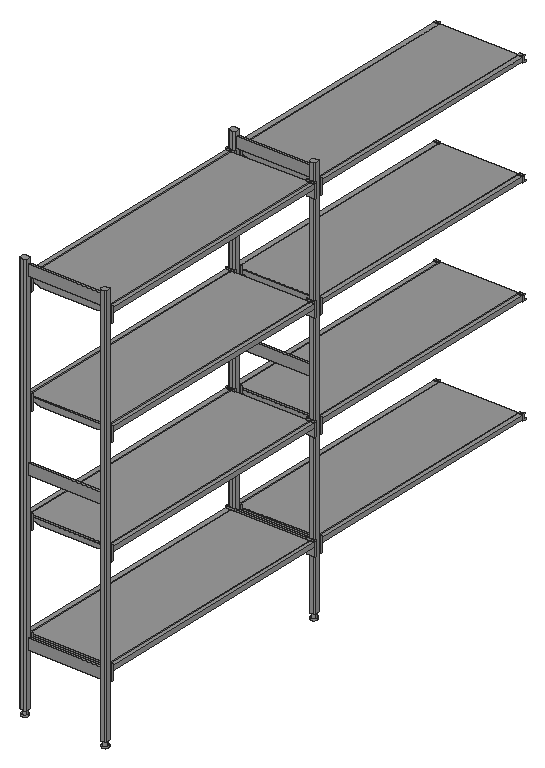
Revit family "QF_ZANUSSI_137065_ACS2192", category Attrezzature speciali, Revit 2020 (continued)
Definition of nested family "WT_Aggancio373"
  Lines and regions (mm)
    symbolic lines
      curve 8: line (-408, 3.978, 0) -> (-408, 23, 0)
  Dimensions and locks
    "Height": plane 5 "TOP" to level
    "Depth": plane 3 "BACK" to plane 4 "FRONT"
    "Dint": plane 7 to plane 8
    equal spacing: plane 7, plane 6 "Center (Front/Back)", plane 8
    equal spacing: plane 3 "BACK", plane 6 "Center (Front/Back)", plane 4 "FRONT"
    plane 9 "FEET" to level = 25.0 mm
    plane 5 "TOP" to plane 9 "FEET" = 1700.0 mm
    plane 10 to plane 9 "FEET" = 250.0 mm
    plane 11 to plane 10 = 450.0 mm
    plane 12 to plane 11 = 450.0 mm
    plane 13 to plane 12 = 450.0 mm
    locked: plane 3 "BACK" to plane 15 "CYBack" at 17.5
    locked: plane 16 "CYFront" to plane 4 "FRONT" at 17.5
    aligned and locked: level to plane 1
    aligned and locked: Extrusion 1 sketch curve to Extrusion 1 sketch curve  (x3)
  Automatic sketch dimensions
    plane 16 "CYFront" to Extrusion 1 sketch curve = 1.478 mm  (x4)
    Extrusion 1 sketch curve to Extrusion 1 sketch curve = 2.0 mm
    plane 8 to Extrusion 1 sketch curve = 3.478 mm  (x4)
    Extrusion 1 sketch curve to plane 10 = 4.006 mm
    Extrusion 1 sketch curve to Extrusion 1 sketch curve = 34.0 mm  (x4)
    Extrusion 1 sketch curve to plane 11 = 4.006 mm
    Extrusion 1 sketch curve to plane 12 = 4.006 mm
    Extrusion 1 sketch curve to plane 13 = 4.006 mm
    Extrusion 1 sketch curve to plane 7 = 37.522 mm  (x4)
    Extrusion 1 sketch curve to plane 7 = 3.522 mm  (x4)
    plane 14 to Extrusion 1 sketch curve = 3.516 mm  (x4)
    plane 14 to Extrusion 1 sketch curve = 1.522 mm  (x4)
    plane 10 to Extrusion 1 sketch curve = 7.998 mm  (x2)
    Extrusion 1 sketch curve to Extrusion 1 sketch curve = 11.498 mm  (x4)
    Extrusion 1 sketch curve to Extrusion 1 sketch curve = 6.499 mm  (x8)
    plane 11 to Extrusion 1 sketch curve = 7.998 mm  (x2)
    plane 12 to Extrusion 1 sketch curve = 7.998 mm  (x2)
    plane 13 to Extrusion 1 sketch curve = 7.998 mm  (x2)
    plane 2 "LEFT" to Extrusion 2 sketch curve = 0.0 mm  (x4)
    plane 13 to Extrusion 2 sketch curve = 7.996 mm
    plane 11 to Extrusion 2 sketch curve = 7.996 mm
    Extrusion 2 sketch curve to Extrusion 2 sketch curve = 5.0 mm  (x4)
    plane 11 to Extrusion 2 sketch curve = 2.494 mm
    plane 10 to Extrusion 2 sketch curve = 28.996 mm
    Extrusion 2 sketch curve to Extrusion 2 sketch curve = 3.0 mm  (x4)
    plane 10 to Extrusion 2 sketch curve = 7.996 mm
    plane 10 to Extrusion 2 sketch curve = 2.494 mm
    Extrusion 2 sketch curve to Extrusion 2 sketch curve = 18.0 mm  (x3)
    plane 12 to Extrusion 2 sketch curve = 2.494 mm
    plane 12 to Extrusion 2 sketch curve = 7.996 mm
    plane 13 to Extrusion 2 sketch curve = 2.494 mm
    plane 2 "LEFT" to Extrusion 3 sketch curve = 0.0 mm  (x4)
    plane 13 to Extrusion 3 sketch curve = 7.996 mm
    plane 11 to Extrusion 3 sketch curve = 7.996 mm
    Extrusion 3 sketch curve to Extrusion 3 sketch curve = 5.0 mm  (x4)
    plane 11 to Extrusion 3 sketch curve = 2.494 mm
    plane 10 to Extrusion 3 sketch curve = 28.996 mm
    Extrusion 3 sketch curve to Extrusion 3 sketch curve = 3.0 mm  (x4)
    plane 10 to Extrusion 3 sketch curve = 7.996 mm
    plane 10 to Extrusion 3 sketch curve = 2.494 mm
    Extrusion 3 sketch curve to Extrusion 3 sketch curve = 18.0 mm  (x3)
    plane 12 to Extrusion 3 sketch curve = 2.494 mm
    plane 12 to Extrusion 3 sketch curve = 7.996 mm
    plane 13 to Extrusion 3 sketch curve = 2.494 mm
    plane 2 "LEFT" to curve 1 = 5.0 mm
    plane 2 "LEFT" to curve 7 = 5.0 mm
    curve 1 to plane 16 "CYFront" = 17.5 mm
    curve 3 to plane 8 = 12.522 mm
    plane 7 to curve 5 = 12.478 mm
    curve 7 to plane 14 = 17.5 mm
    curve 5 to curve 5 = 4.0 mm
    curve 1 to curve 4 = 4.0 mm
    Extrusion 2 sketch curve to Extrusion 2 sketch curve = 4.0 mm  (x4)
    Extrusion 2 sketch curve to Extrusion 2 sketch curve = 8.969 mm  (x4)
    Extrusion 3 sketch curve to Extrusion 3 sketch curve = 4.0 mm  (x4)
    Extrusion 3 sketch curve to Extrusion 3 sketch curve = 8.969 mm  (x4)
